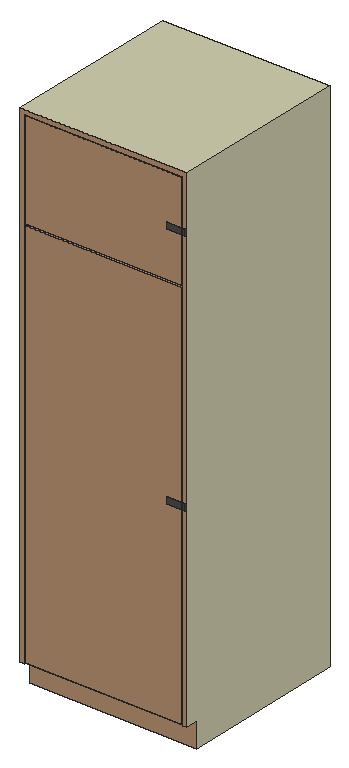
Revit family "Cabinet_Wenger_UltraStor_09", category Furniture, Revit 2015
Parameters (values of type "UltraStor Cabinet #09 - Comp Wood Doors")
  URL = "https://www.wengercorp.com/"
  Type Comments = ""
  Specification = "http://www.arcat.com/sdspecs/htm04/12_35_83wen.htm"
  Shelf Thickness = 0' - 1 1/8"
  Sales Information = "https://www.wengercorp.com/contact-us.php"
  Revision = "R1_2018-04"
  Rear Panel Thickness = 0' - 0 3/4"
  Product Data = "http://www.arcat.com/arcatcos/cos36/arc36487.html"
  Manufacturer Website = "https://www.wengercorp.com/"
  Manufacturer Phone - Toll Free = "800-4WENGER"
  Manufacturer Phone = "(507) 455-4100"
  Manufacturer Fax = "(507) 455-4258"
  Manufacturer Address = "555 Park Dr., Owatonna, MN 55060"
  Keynote = "12 35 83"
  HasDoors = yes
  Green Building-LEED = "http://www.arcat.com/green/clients/leed_data_36487.html"
  Drawn By = "Sumex Design, Inc. / Robert S. Weygant, CSI, CDT, SCIP"
  Door Width = (Cabinet Width - 0' 2 1/4") / 2  # 1' - 0 5/8"
  Door Style = Door_FullHt : Solid Door
  Door Material [instance] = Wenger Cherry (Use Cherry Edge Band Only)
  Door Height = (Cabinet Height - 0' 4 3/4") / 5  # 1' - 4.175"
  Toe Kick Material [instance] = Wenger Cherry (Use Cherry Edge Band Only)
  RH End Panel [instance] = no
  Model = "#09"
  Manufacturer = "Wenger Corporation"
  LH End Panel [instance] = no
  End Panel Material [instance] = Wenger Cherry (Use Cherry Edge Band Only)
  Edge Banding Material [instance] = Wenger Cherry (Use Cherry Edge Band Only)
  Cost = 0
  Copyright = "© 2018 Arcat Inc."
  Construction Details = "http://www.arcat.com/details/wengerco/wengerco.html?coid=36487"
  Body Material [instance] = Wenger - Oyster
  Description = "Wenger UltraStor Cabinet #09 - Comp Wood Doors"
  Cabinet Width = 2' - 3 1/2"
  Cabinet Height = 7' - 1 5/8"
  Installed Depth = 2' - 5 1/4"
  Cabinet Panel Thickness = 0' - 0 3/4"
  Assembly Code = "E2010200"
Types (14): name | Rear Panel Thickness | HasDoors | Door Width | Door Style | Door Material | Model | Description | Cabinet Width | Installed Depth
  Acoustic Cabinet #09 - No Doors | 0' - 3 1/4" | no | 1' - 0 5/8" | Door_FullHt : Solid Door | none | "#09A" | "Wenger Acoustic Cabinet #09 - No Doors" | 2' - 3 1/2" | 2' - 7 3/4"
  Narrow Acoustic Cabinet #09 - No Doors | 0' - 3 1/4" | no | 0' - 9 5/8" | Door_FullHt : Solid Door | none | "#09NA" | "Wenger Narrow Acoustic Cabinet #09 - No Doors" | 1' - 9 1/2" | 2' - 7 3/4"
  Narrow Acoustic Cabinet #09 - Comp Grille Doors | 0' - 3 1/4" | yes | 0' - 9 5/8" | Door_FullHt : Bars | Painted Black | "#09NA" | "Wenger Narrow Acoustic Cabinet #09 - Comp Grille Doors" | 1' - 9 1/2" | 2' - 7 3/4"
  Acoustic Cabinet #09 - Comp Grille Doors | 0' - 3 1/4" | yes | 1' - 0 5/8" | Door_FullHt : Bars | Painted Black | "#09A" | "Wenger Acoustic Cabinet #09 - Comp Grille Doors" | 2' - 3 1/2" | 2' - 7 3/4"
  Acoustic Cabinet #09 - Comp Waterfall Grille Doors | 0' - 3 1/4" | yes | 1' - 0 5/8" | Door_FullHt : Waterfall | Painted Black | "#09A" | "Wenger Acoustic Cabinet #09 - Comp Waterfall Grille Doors" | 2' - 3 1/2" | 2' - 7 3/4"
  Narrow Acoustic Cabinet #09 - Comp Waterfall Grille Doors | 0' - 3 1/4" | yes | 0' - 9 5/8" | Door_FullHt : Waterfall | Painted Black | "#09NA" | "Wenger Narrow Acoustic Cabinet #09 - Comp Waterfall Grille Doors" | 1' - 9 1/2" | 2' - 7 3/4"
  UltraStor Cabinet #09 - Comp Waterfall Grille Doors | 0' - 0 3/4" | yes | 1' - 0 5/8" | Door_FullHt : Waterfall | Painted Black | "#09" | "Wenger UltraStor Cabinet #09 - Comp Waterfall Grille Doors" | 2' - 3 1/2" | 2' - 5 1/4"
  Narrow UltraStor Cabinet #09 - No Doors | 0' - 0 3/4" | no | 0' - 9 5/8" | Door_FullHt : Solid Door | none | "#09N" | "Wenger Narrow Cabinet #09 - No Doors" | 1' - 9 1/2" | 2' - 5 1/4"
  Narrow UltraStor Cabinet #09 - Comp Grille Doors | 0' - 0 3/4" | yes | 0' - 9 5/8" | Door_FullHt : Bars | Painted Black | "#09N" | "Wenger Narrow Cabinet #09 - Comp Grille Doors" | 1' - 9 1/2" | 2' - 5 1/4"
  UltraStor Cabinet #09 - No Doors | 0' - 0 3/4" | no | 1' - 0 5/8" | Door_FullHt : Solid Door | none | "#09" | "Wenger UltraStor Cabinet #09 - No Doors" | 2' - 3 1/2" | 2' - 5 1/4"
  UltraStor Cabinet #09 - Comp Grille Doors | 0' - 0 3/4" | yes | 1' - 0 5/8" | Door_FullHt : Bars | Painted Black | "#09" | "Wenger UltraStor Cabinet #09 - Comp Grille Doors" | 2' - 3 1/2" | 2' - 5 1/4"
  UltraStor Cabinet #09 - Comp Wood Doors | 0' - 0 3/4" | yes | 1' - 0 5/8" | Door_FullHt : Solid Door | Wenger Cherry (Use Cherry Edge Band Only) | "#09" | "Wenger UltraStor Cabinet #09 - Comp Wood Doors" | 2' - 3 1/2" | 2' - 5 1/4"
  Narrow UltraStor Cabinet #09 - Comp Waterfall Grille Doors | 0' - 0 3/4" | yes | 0' - 9 5/8" | Door_FullHt : Waterfall | Painted Black | "#09N" | "Wenger Narrow Cabinet #09 - Comp Waterfall Grille Doors" | 1' - 9 1/2" | 2' - 5 1/4"
  Narrow UltraStor Cabinet #09 - Comp Wood Doors | 0' - 0 3/4" | yes | 0' - 9 5/8" | Door_FullHt : Solid Door | Wenger Cherry (Use Cherry Edge Band Only) | "#09N" | "Wenger Narrow Cabinet #09 - Comp Wood Doors" | 1' - 9 1/2" | 2' - 5 1/4"
Reference planes (in)
  plane 1 "Front": y = 0
  plane 2: z = 0
  plane 3 "Left": x = 0
  plane 4 "Right": x = 27.5
  plane 5 "Back": y = 29.25
  plane 6 "Top": z = 85.625
  plane 7: z = 4
  plane 8: z = 68.7
  plane 9: x = 0.75
  plane 10: x = 26.75
  plane 11: z = 84.875
  plane 12: x = 13.75
  plane 13: y = 28.5
  plane 14: y = 2
  plane 15: y = 0.75
  plane 16: z = 69.825
  plane 17: z = 5.125
Forms (in)
  Extrusion 1, solid, material "Wenger - Oyster" <- "Body Material"
    sketch origin (0, 0, 0) x (0, 1, 0) y (0, 0, 1)
      loop
        line (0, 85.625) -> (0, 4) -> (2, 4) -> (2, 0) -> (29.25, 0) -> (29.25, 85.625) -> (0, 85.625)
    from 0 to 27.5
  Extrusion 2, void
    sketch origin (0, 0, 0) x (0, 1, 0) y (0, 0, 1)
      loop
        line (-5.5, 84.875) -> (-5.5, 68.7) -> (0.75, 68.7)
        arc (0.75, 68.7) -> (1.18296, 69.47588) -> (2, 69.825) r 1.375
        line (2, 69.825) -> (28.5, 69.825) -> (28.5, 84.875) -> (-5.5, 84.875)
    from 0.75 to 26.75
  Extrusion 3, void
    sketch origin (0, 0, 0) x (0, 1, 0) y (0, 0, 1)
      loop
        line (0, 84.875) -> (0, 4) -> (0.0625, 4) -> (0.0625, 84.875) -> (0, 84.875)
    from 0.75 to 26.75
  Extrusion 4, void
    sketch origin (0, 0, 0) x (1, 0, 0) y (0, 0, 1)
      loop
        line (0.75, 68.7) -> (0.75, 5.125) -> (26.75, 5.125) -> (26.75, 68.7) -> (0.75, 68.7)
    from -28.5 to 0
Cuts and joins
  Extrusion 2, Extrusion 3, Extrusion 4 cuts Extrusion 1
Lines and regions (in)
  Masking region 1
    outline origin (0, 0, 0) x (1, 0, 0) y (0, 1, 0)
      loop
        line (0, 29.25) -> (0, 0) -> (27.5, 0) -> (27.5, 29.25) -> (0, 29.25)
Dimensions and locks (in)
  "Cabinet Panel Thickness": plane 3 "Left" to plane 9
  "Cabinet Panel Thickness": plane 10 to plane 4 "Right"
  "Cabinet Panel Thickness": plane 5 "Back" to plane 13
  locked: plane 1 "Front" to plane 15 at 0.75
  locked: plane 1 "Front" to plane 14 at 2
  "Shelf Thickness": plane 16 to plane 8
  "Cabinet Panel Thickness": plane 6 "Top" to plane 11
  "Shelf Thickness": plane 17 to plane 7
  "Cabinet Width": plane 3 "Left" to plane 4 "Right"
  locked: plane 7 to level at 4
  "Cabinet Height": plane 6 "Top" to level
  "Installed Depth": plane 1 "Front" to plane 5 "Back"
  plane 3 "Left" to plane 4 "Right" = 2' - 3 1/2"
  equal spacing: plane 5 "Back", nested 2, plane 1 "Front"
  locked: plane 12 to nested 2 at 0
  equal spacing: plane 4 "Right", plane 12, plane 3 "Left"
  "Door Height": plane 11 to plane 8
  aligned and locked: Extrusion 1 sketch curve to plane 6 "Top"
  aligned and locked: Extrusion 1 sketch curve to plane 5 "Back"
  aligned and locked: Extrusion 1 sketch curve to plane 1 "Front"
  aligned and locked: Extrusion 1 sketch curve to plane 7
  aligned and locked: Extrusion 1 sketch curve to plane 14
  aligned and locked: Extrusion 1 sketch curve to level
  aligned and locked: Extrusion 1 to plane 4 "Right"
  aligned and locked: Extrusion 1 to plane 3 "Left"
  aligned and locked: Extrusion 2 sketch curve to plane 11
  aligned and locked: Extrusion 2 sketch curve to plane 13
  aligned and locked: Extrusion 2 sketch curve to plane 8
  aligned and locked: Extrusion 2 sketch curve to plane 16
  aligned and locked: Extrusion 2 to plane 9
  aligned and locked: Extrusion 3 sketch curve to cut or joined group of Extrusion 1, Extrusion 2, Extrusion 3, Extrusion 4  (x2)
  aligned and locked: Extrusion 3 to plane 10
  aligned and locked: Extrusion 3 to plane 9
  aligned and locked: nested 3 to plane 9
  aligned and locked: nested 3 to plane 8
  aligned and locked: plane 8 to cut or joined group of Extrusion 1, Extrusion 2, Extrusion 3, Extrusion 4
  aligned and locked: nested 4 to plane 9
  aligned and locked: plane 7 to cut or joined group of Extrusion 1, Extrusion 2, Extrusion 3, Extrusion 4
  aligned and locked: nested 4 to plane 7
  aligned and locked: plane 1 "Front" to nested 5
  aligned and locked: nested 5 to level
  aligned and locked: nested 5 to plane 4 "Right"
  aligned and locked: Masking region 1 sketch curve to plane 5 "Back"
  aligned and locked: Masking region 1 sketch curve to plane 1 "Front"
  aligned and locked: plane 3 "Left" to Masking region 1 sketch curve
  aligned and locked: plane 4 "Right" to Masking region 1 sketch curve
  aligned and locked: nested 4 to plane 10
  aligned and locked: plane 13 to Extrusion 4
  aligned and locked: plane 1 "Front" to Extrusion 4
  aligned and locked: Extrusion 2 to plane 10
  aligned and locked: nested 3 to plane 10
  aligned and locked: plane 8 to nested 4
  aligned and locked: plane 8 to Extrusion 4
Automatic sketch dimensions
  plane 15 to Extrusion 3 sketch curve = 0' - 0 11/16"
  Extrusion 2 sketch curve to plane 15 = 0' - 0"
  Extrusion 2 sketch curve to plane 14 = 0' - 0"
  Extrusion 2 sketch curve to plane 14 = 0' - 0.10279"
  Extrusion 3 sketch curve to plane 11 = 0' - 0"
  plane 1 "Front" to Extrusion 2 sketch curve = 0' - 5 1/2"
  Extrusion 4 sketch curve to plane 9 = 0' - 0"
  plane 10 to Extrusion 4 sketch curve = 0' - 0"
  Extrusion 4 sketch curve to plane 17 = 0' - 0"
  plane 17 to Extrusion 4 sketch curve = 5' - 3.575"
Nested families (in)
  nested 1: "End Panel" at (0, 14.25, 0) x (0, -1, 0) z (0, 0, 1), End Panel Material <- "End Panel Material", visible <- "LH End Panel", Edge Banding Material <- "Edge Banding Material", type "End Panel"
    with End Panel Material Wenger Cherry (Use Cherry Edge Band Only), Edge Banding Material Wenger Cherry (Use Cherry Edge Band Only), End Panel Depth 2' - 5 1/4"
  nested 2: "Labels" at (13.75, 14.625, 0), type "Labels"
  nested 3: "Door_FullHt" at (13.75, 0, 68.7) x (1, 0, 0) z (0, -1, 0), type <- "Door Style", Height <- "Door Height", visible <- "HasDoors", type "Solid Door", detail levels medium+fine
    with vBars 24, Width 2' - 2", ToeKick Height 0' - 4", MidBar no, Height 1' - 4.175", HalfHt 0' - 7.8375", BarHt 1' - 3.675", 2HzBars no
  nested 4: "Door_FullHt" at (13.75, 0, 4) x (1, 0, 0) z (0, -1, 0), type <- "Door Style", visible <- "HasDoors", type "Solid Door", detail levels medium+fine
    with vBars 24, Width 2' - 2", ToeKick Height 0' - 4", MidBar no, Height 5' - 4.7", HalfHt 2' - 8.1", BarHt 5' - 4.2", 2HzBars no
  nested 5: "End Panel" at (28.25, 14.25, 0) x (0, -1, 0) z (0, 0, 1), End Panel Material <- "End Panel Material", Edge Banding Material <- "Edge Banding Material", visible <- "RH End Panel", type "End Panel"
    with End Panel Material Wenger Cherry (Use Cherry Edge Band Only), Edge Banding Material Wenger Cherry (Use Cherry Edge Band Only), End Panel Depth 2' - 5 1/4"
Definition of nested family "End Panel"
  Parameters (values of type "End Panel")
    End Panel Material [instance] = none
    End Panel Height = 7' - 1 5/8"
    End Panel Depth = 1' - 9 3/4"
    Edge Banding Material [instance] = none
    Default Elevation = 4' - 0"
    Assembly Code = ""
  Reference planes (in)
    plane 1 "Center (Front/Back)": y = 0
    plane 2: z = 0
    plane 3 "Center (Left/Right)": x = 0
    plane 4: x = -15
    plane 5: x = 6.75
    plane 6: z = 4
    plane 7: x = 4.75
    plane 8: z = 85.625
    plane 9: y = -0.75
  Forms (in)
    Extrusion 1, solid, material <- "End Panel Material"
      sketch origin (0, 0, 0) x (1, 0, 0) y (0, 0, 1)
        loop
          line (-15, 85.625) -> (-15, 0) -> (4.75, 0) -> (4.75, 4) -> (6.75, 4) -> (6.75, 85.625) -> (-15, 85.625)
      from 0 to 0.75
  Lines and regions (in)
    Masking region 1, detail levels coarse+medium
      outline origin (0, 0, 0) x (1, 0, 0) y (0, 1, 0)
        loop
          line (-15, 0) -> (-15, -0.75) -> (6.75, -0.75) -> (6.75, 0) -> (-15, 0)
  Dimensions and locks (in)
    locked: plane 7 to plane 5 at 2
    locked: plane 6 to level at 4
    "End Panel Height": plane 8 to level
    "End Panel Depth": plane 5 to plane 4
    locked: plane 9 to plane 1 "Center (Front/Back)" at 0.75
    aligned and locked: plane 4 to Extrusion 1 sketch curve
    aligned and locked: level to Extrusion 1 sketch curve
    aligned and locked: plane 7 to Extrusion 1 sketch curve
    aligned and locked: plane 6 to Extrusion 1 sketch curve
    aligned and locked: Extrusion 1 sketch curve to plane 5
    aligned and locked: Extrusion 1 sketch curve to plane 8
    aligned and locked: Extrusion 1 to plane 9
    aligned and locked: Extrusion 1 to plane 1 "Center (Front/Back)"
    aligned and locked: plane 4 to Masking region 1 sketch curve
    aligned and locked: Masking region 1 sketch curve to plane 5
    aligned and locked: plane 1 "Center (Front/Back)" to Masking region 1 sketch curve
    aligned and locked: plane 9 to Masking region 1 sketch curve
Definition of nested family "Door_FullHt"
  Parameters (values of type "Solid Door")
    vBars [instance] = (Width - 0' 2") / 0' 1"  # 6
    Width [instance] = 0' - 8"
    ToeKick Height [instance] = 0' - 4"
    Thickness = 0' - 0 3/4"
    Solid Door = yes
    Shelf Thickness = 0' - 0 3/4"
    Panel Thickness = 0' - 0 3/4"
    MidBar [instance] = and(Height > 3' 6", HasDoor, not(Solid Door))  # no
    Height [instance] = 1' - 2 5/8"
    HasDoor = yes
    HalfHt [instance] = Height / 2 - 0' 0 1/4"  # 0' - 7 1/16"
    Edge Banding = none
    DoorGap = 0' - 0 1/8"
    Door Finish = none
    Depth = 2' - 0"
    Default Elevation = 4' - 0"
    Bars = no
    BarStyle = Bars : Waterfall
    BarHt [instance] = Height - 0' 0 1/2"  # 1' - 2 1/8"
    2HzBars [instance] = and(Height > 1' 6", not(Solid Door))  # no
  Types (3): name | Thickness | Solid Door | Bars | BarStyle
    Solid Door | 0' - 0 3/4" | yes | no | Bars : Waterfall
    Bars | 0' - 0 1/4" | no | yes | Bars : Straight
    Waterfall | 0' - 0 3/4" | no | yes | Bars : Waterfall
  Reference planes (in)
    plane 1 "Center (Front/Back)": y = 0
    plane 2: z = 0
    plane 3 "Center (Left/Right)": x = 0
    plane 4: x = -4
    plane 5: y = 14.625
    plane 6: x = 4
    plane 7: z = -0.75
    plane 8: x = -3.875
    plane 9: x = 3.875
    plane 10: y = 0.125
    plane 11: y = 14.5
    plane 12: y = -0.75
    plane 13 "CL Elev": y = 7.3125
    plane 14: x = -3.75
    plane 15: x = 3.75
    plane 16 "BtmRail": y = 0.25
    plane 17: y = 14.375
    plane 18: z = -0.125
    plane 19: x = -2.75
    plane 20: x = 2.75
    plane 21: y = 10.96875
    plane 22: y = 3.65625
  Forms (in)
    Extrusion 1, solid, material <- "Door Finish", visible <- "Solid Door", detail levels medium+fine
      sketch origin (0, 0, 0) x (1, 0, 0) y (0, 1, 0)
        loop
          arc (-3.75, 14.5) -> (-3.83839, 14.46339) -> (-3.875, 14.375) r 0.125
          line (-3.875, 14.375) -> (-3.875, 0.25)
          arc (-3.875, 0.25) -> (-3.83839, 0.16161) -> (-3.75, 0.125) r 0.125
          line (-3.75, 0.125) -> (3.75, 0.125)
          arc (3.75, 0.125) -> (3.83839, 0.16161) -> (3.875, 0.25) r 0.125
          line (3.875, 0.25) -> (3.875, 14.375)
          arc (3.875, 14.375) -> (3.83839, 14.46339) -> (3.75, 14.5) r 0.125
          line (3.75, 14.5) -> (-3.75, 14.5)
      from 0 to -0.75
    Sweep 2, solid, material <- "Door Finish", visible <- "Bars", detail levels medium+fine
      path origin (0, 0, 0) x (1, 0, 0) y (0, 1, 0)
        loop
          arc (-3.125, 14.5) -> (-3.65533, 14.28033) -> (-3.875, 13.75) r 0.75
          line (-3.875, 13.75) -> (-3.875, 0.875)
          arc (-3.875, 0.875) -> (-3.65533, 0.34467) -> (-3.125, 0.125) r 0.75
          line (-3.125, 0.125) -> (3.125, 0.125)
          arc (3.125, 0.125) -> (3.65533, 0.34467) -> (3.875, 0.875) r 0.75
          line (3.875, 0.875) -> (3.875, 13.75)
          arc (3.875, 13.75) -> (3.65533, 14.28033) -> (3.125, 14.5) r 0.75
          line (3.125, 14.5) -> (-3.125, 14.5)
      profile origin (0, 14.5, 0) x (0, 1, 0) y (0, 0, 1)
        loop
          circle (-0.125, -0.125) r 0.125
    Extrusion 3, solid, material <- "Door Finish", visible <- "MidBar", detail levels medium+fine
      sketch origin (0, 0, 0) x (0, 1, 0) y (0, 0, 1)
        loop
          circle (7.3125, -0.125) r 0.125
      from -3.75 to 3.75
    Extrusion 4, solid, visible <- "HasDoor", detail levels fine
      sketch origin (0, 0, 0) x (1, 0, 0) y (0, 1, 0)
        loop
          line (1.5, 7.8125) -> (1.5, 6.8125) -> (4.5, 6.8125) -> (4.5, 7.8125) -> (1.5, 7.8125)
      from 0 to 0.125
    Extrusion 5, solid, material <- "Door Finish", visible <- "2HzBars", detail levels medium+fine
      sketch origin (0, 0, 0) x (0, 1, 0) y (0, 0, 1)
        loop
          circle (10.96875, -0.125) r 0.125
        loop
          circle (3.65625, -0.125) r 0.125
      from -3.75 to 3.75
  Lines and regions (in)
    symbolic lines, visible <- "HasDoor", detail levels medium+fine
      curve 1: line (4, 0.25, 0) -> (-4, 0.25, 0)
      curve 2: line (-4, 0.25, 0) -> (-4, 0.25, 8)
      curve 3: arc (4, 0.25, 0) -> (1.65685, 0.25, 5.65685) -> (-4, 0.25, 8) r 8
    symbolic lines, visible <- "HasDoor"
      curve 4: line (3.875, 0.25, 0) -> (3.875, 0.25, -0.75)
      curve 5: line (3.875, 0.25, -0.75) -> (-3.875, 0.25, -0.75)
      curve 6: line (-3.875, 0.25, -0.75) -> (-3.875, 0.25, 0)
    symbolic lines, detail levels medium
      curve 7: line (3.875, 14.5, 0) -> (-3.875, 7.3125, 0)
      curve 8: line (-3.875, 7.3125, 0) -> (3.875, 0.125, 0)
  Dimensions and locks (in)
    "Height": plane 1 "Center (Front/Back)" to plane 5
    "Thickness": level to plane 7
    equal spacing: plane 4, plane 3 "Center (Left/Right)", plane 6
    "Width": plane 4 to plane 6
    "DoorGap": plane 5 to plane 11
    "DoorGap": plane 9 to plane 6
    "DoorGap": plane 4 to plane 8
    "DoorGap": plane 1 "Center (Front/Back)" to plane 10
    "Shelf Thickness": plane 1 "Center (Front/Back)" to plane 12
    equal spacing: plane 1 "Center (Front/Back)", plane 22, plane 13 "CL Elev", plane 21, plane 5
    locked: plane 15 to plane 9 at 0.125
    locked: plane 8 to plane 14 at 0.125
    locked: plane 11 to plane 17 at 0.125
    locked: plane 16 "BtmRail" to plane 10 at 0.125
    locked: level to plane 18 at 0.125
    plane 19 to plane 14 = 0' - 1"
    locked: plane 15 to plane 20 at 1
    Extrusion 4 sketch curve to plane 13 "CL Elev" to Extrusion 4 sketch curve = 0' - 0 1/2" locked, 0' - 0 1/2" locked
    locked: plane 6 to Extrusion 4 sketch curve at 0.5
    locked: Extrusion 4 sketch curve to plane 6 at 2.5
    locked: Extrusion 4 to level at 0.125
    equal spacing: group 1, group 3, group 4, group 5, group 6, group 2  (x3)
    equal spacing: group 7, group 9, group 10, group 11, group 12, group 8  (x2)
    equal spacing: group 8, group 12, group 11, group 10, group 9, group 7
    "Width": radius of curve 3
    aligned and locked: plane 2 to level
    aligned and locked: Extrusion 1 sketch curve to plane 11
    aligned and locked: plane 8 to Extrusion 1 sketch curve
    aligned and locked: Extrusion 1 sketch curve to plane 9
    aligned and locked: plane 10 to Extrusion 1 sketch curve
    aligned and locked: Extrusion 1 to plane 7
    aligned and locked: level to Extrusion 1
    aligned and locked: Sweep 2 sketch curve to plane 11
    aligned and locked: plane 8 to Sweep 2 sketch curve
    aligned and locked: plane 10 to Sweep 2 sketch curve
    aligned and locked: Sweep 2 sketch curve to plane 9
    aligned and locked: plane 15 to Extrusion 3
    aligned and locked: Extrusion 3 to plane 14
    aligned and locked: plane 20 to nested 2
    aligned and locked: plane 19 to nested 1
    aligned and locked: plane 21 to Extrusion 5 sketch curve
    aligned and locked: plane 18 to Extrusion 5 sketch curve  (x2)
    aligned and locked: plane 22 to Extrusion 5 sketch curve
    aligned and locked: Extrusion 5 to Extrusion 3  (x2)
    aligned and locked: plane 4 to curve 3  (x2)
    aligned and locked: level to curve 3
    aligned and locked: plane 7 to curve 5
    aligned and locked: Extrusion 1 to plane 8
    aligned and locked: plane 9 to Extrusion 1
    aligned and locked: plane 10 to curve 8
    aligned and locked: plane 9 to curve 8
    aligned and locked: plane 13 "CL Elev" to curve 8
    aligned and locked: plane 11 to curve 7
    aligned and locked: plane 9 to curve 7
    aligned and locked: plane 19 to nested 7
    aligned and locked: plane 13 "CL Elev" to nested 7
    aligned and locked: plane 20 to nested 8
    aligned and locked: plane 13 "CL Elev" to nested 8
    aligned and locked: plane 18 to nested 7
    aligned and locked: plane 18 to nested 9
  Automatic sketch dimensions
    plane 8 to Sweep 2 sketch curve = 0' - 0 3/4"  (x2)
    Sweep 2 sketch curve to plane 9 = 0' - 0 3/4"
    Sweep 2 sketch curve to Sweep 2 sketch curve = 0' - 0 3/4"
    Sweep 2 sketch curve to level = 0' - 0 1/8"
    profile plane to Sweep 2 sketch curve = 0' - 0 1/8"
    Extrusion 3 sketch curve to level = 0' - 0 1/8"
    Extrusion 3 sketch curve to plane 13 "CL Elev" = 0' - 0"
    curve 8 to plane 8 = 0' - 0"
    Extrusion 1 sketch curve to plane 14 = 0' - 0"  (x2)
    Extrusion 1 sketch curve to plane 15 = 0' - 0"  (x2)
    curve 5 to plane 9 = 0' - 0"
    curve 6 to plane 8 = 0' - 0"
    radius of Sweep 2 sketch curve = 0' - 0 1/8"
    radius of Extrusion 3 sketch curve = 0' - 0 1/8"
    radius of Extrusion 5 sketch curve = 0' - 0 1/8"  (x2)
  Nested families (in)
    nested 1: "Bars" at (-2.75, 0.25, -0.125) x (1, 0, 0) z (0, 1, 0), type <- "BarStyle", visible <- "Bars", type "Waterfall", detail levels fine
    nested 2: "Bars" at (2.75, 0.25, -0.125) x (1, 0, 0) z (0, 1, 0), type <- "BarStyle", visible <- "Bars", type "Waterfall", detail levels fine
    nested 3: "Bars" at (-1.65, 0.25, -0.125) x (1, 0, 0) z (0, 1, 0), type <- "BarStyle", visible <- "Bars", type "Waterfall", detail levels fine
    nested 4: "Bars" at (-0.55, 0.25, -0.125) x (1, 0, 0) z (0, 1, 0), type <- "BarStyle", visible <- "Bars", type "Waterfall", detail levels fine
    nested 5: "Bars" at (0.55, 0.25, -0.125) x (1, 0, 0) z (0, 1, 0), type <- "BarStyle", visible <- "Bars", type "Waterfall", detail levels fine
    nested 6: "Bars" at (1.65, 0.25, -0.125) x (1, 0, 0) z (0, 1, 0), type <- "BarStyle", visible <- "Bars", type "Waterfall", detail levels fine
    nested 7: "Bars" at (-2.75, 7.3125, -0.125) x (1, 0, 0) z (0, 1, 0), type <- "BarStyle", visible <- "Bars", type "Waterfall"
    nested 8: "Bars" at (2.75, 7.3125, -0.125) x (1, 0, 0) z (0, 1, 0), type <- "BarStyle", visible <- "Bars", type "Waterfall"
    nested 9: "Bars" at (-1.65, 7.3125, -0.125) x (1, 0, 0) z (0, 1, 0), type <- "BarStyle", visible <- "Bars", type "Waterfall"
    nested 10: "Bars" at (-0.55, 7.3125, -0.125) x (1, 0, 0) z (0, 1, 0), type <- "BarStyle", visible <- "Bars", type "Waterfall"
    nested 11: "Bars" at (0.55, 7.3125, -0.125) x (1, 0, 0) z (0, 1, 0), type <- "BarStyle", visible <- "Bars", type "Waterfall"
    nested 12: "Bars" at (1.65, 7.3125, -0.125) x (1, 0, 0) z (0, 1, 0), type <- "BarStyle", visible <- "Bars", type "Waterfall"
  Definition of nested family "Bars"
    Parameters (values of type "Straight")
      WaterFall = no
      Straight = yes
      Lateral Deviation = 0' - 1"
      Height = 0' - 7 1/16"
      Default Elevation = 4' - 0"
      Bars = none
    Types (2): name | WaterFall | Straight
      Waterfall | yes | no
      Straight | no | yes
    Reference planes (in)
      plane 1 "Center (Front/Back)": y = 0
      plane 2: z = 0
      plane 3 "Center (Left/Right)": x = 0
      plane 4: z = 7.0625
      plane 5: z = 3.53125
      plane 6: x = 0.5
      plane 7: x = -0.5
      plane 8: z = 5.29687
      plane 9: z = 1.76562
    Forms (in)
      Sweep 1, solid, material <- "Bars", visible <- "WaterFall", detail levels fine
        path origin (0, 0, 0) x (1, 0, 0) y (0, 0, 1)
          loop
            arc (0, 0) -> (0.37259, 0.8481) -> (0.5, 1.76563) r 3.36743
            arc (0.5, 1.76563) -> (0.37259, 2.68315) -> (0, 3.53125) r 3.36743
        profile origin (0.37259, 0, 0.8481) x (-0.962164, 0, 0.272471) y (0, -1, 0)
          loop
            circle (0, 0) r 0.0625
      Sweep 2, solid, material <- "Bars", visible <- "WaterFall", detail levels fine
        path origin (0, 0, 14.625) x (-1, 0, 0) y (0, 0, -1)
          loop
            arc (0, 7.5625) -> (0.37259, 8.4106) -> (0.5, 9.32812) r 3.36743
            arc (0.5, 9.32812) -> (0.37259, 10.24565) -> (0, 11.09375) r 3.36743
        profile origin (-0.37259, 0, 6.2144) x (0.962164, 0, -0.272471) y (0, -1, 0)
          loop
            circle (0, 0) r 0.0625
      Extrusion 3, solid, material <- "Bars", visible <- "Straight", detail levels fine
        sketch origin (0, 0, 0) x (1, 0, 0) y (0, 1, 0)
          loop
            circle (0, 0) r 0.0625
        from 0 to 7.0625
    Dimensions and locks (in)
      "Height": plane 4 to level
      equal spacing: plane 6, plane 3 "Center (Left/Right)", plane 7
      "Lateral Deviation": plane 6 to plane 7
      equal spacing: plane 4, plane 8, plane 5, plane 9, level
      aligned and locked: plane 2 to level
      aligned and locked: plane 3 "Center (Left/Right)" to Sweep 1 sketch curve  (x2)
      aligned and locked: level to Sweep 1 sketch curve
      aligned and locked: plane 6 to Sweep 1 sketch curve
      aligned and locked: plane 9 to Sweep 1 sketch curve
      aligned and locked: plane 4 to Sweep 2 sketch curve
      aligned and locked: plane 3 "Center (Left/Right)" to Sweep 2 sketch curve  (x2)
      aligned and locked: plane 8 to Sweep 2 sketch curve
      aligned and locked: plane 7 to Sweep 2 sketch curve
      aligned and locked: plane 5 to Sweep 2 sketch curve
      aligned and locked: plane 4 to Extrusion 3
      aligned and locked: Extrusion 3 to level
    Automatic sketch dimensions
      plane 1 "Center (Front/Back)" to Sweep 1 sketch curve = 0' - 0"
      Sweep 1 sketch curve to profile plane = 0' - 0"
      Sweep 1 sketch curve to Sweep 1 sketch curve = 0' - 0"
      Sweep 2 sketch curve to plane 1 "Center (Front/Back)" = 0' - 0"
      Sweep 2 sketch curve to profile plane = 0' - 0"
      plane 1 "Center (Front/Back)" to Extrusion 3 sketch curve = 0' - 0"
      Extrusion 3 sketch curve to plane 3 "Center (Left/Right)" = 0' - 0"
      radius of Sweep 1 sketch curve = 0' - 0 1/16"
      radius of Sweep 2 sketch curve = 0' - 0 1/16"
      radius of Extrusion 3 sketch curve = 0' - 0 1/16"
Definition of nested family "Labels"
  Parameters
    Cabinet Label = "01"
  Reference planes (in)
    plane 1: y = 0
    plane 2: x = 0
  Text (in)
    label "xxxx" at (-0.00018, 0.00754, 0), shows "Cabinet Label"
